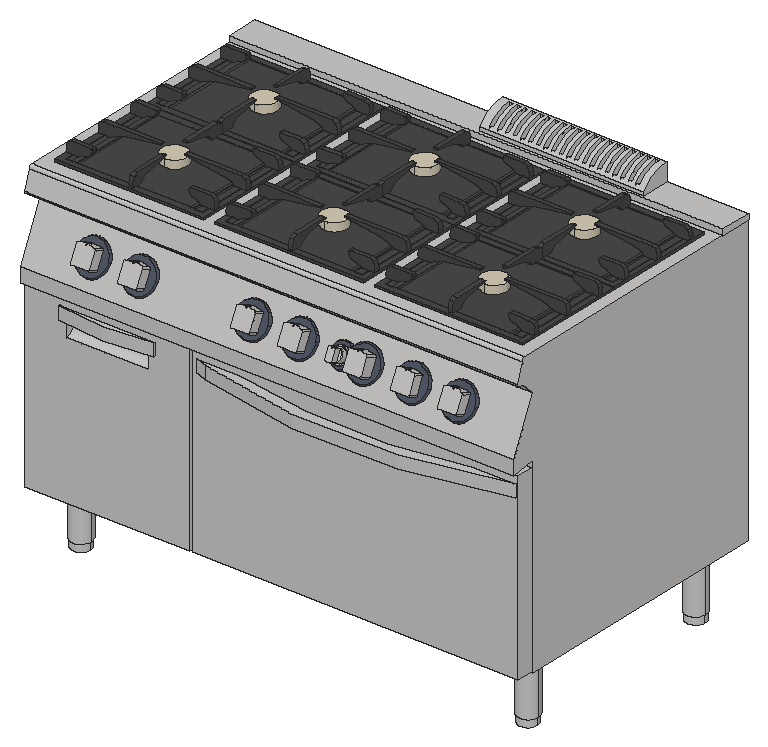
Revit family "QF_ZANUSSI_372152_Z7GCGL6C2A", category Specialty Equipment, Revit 2018 (continued)
Lines and regions (mm)
  symbolic lines
    curve 243: arc (634.5, -723.627, 0) -> (609.907, -720.053, 0) -> (585.574, -715, 0) r 411.457
  symbolic lines, style "QF-Clearances", visible <- "Show Clearance", detail levels coarse
    curve 9: line (-150, -715, 150) -> (-150, 150, 150)
    curve 10: line (-150, 150, 150) -> (1350, 150, 150)
    curve 11: line (1350, 150, 150) -> (1350, -715, 150)
  symbolic lines, not visible
    curve 110: line (225.433, -800.018, 0) -> (225.433, -824.365, 0)
    curve 111: arc (225.433, -824.365, 0) -> (225.579, -824.829, 0) -> (225.965, -825.125, 0) r 0.809
    curve 112: arc (225.965, -825.125, 0) -> (227.153, -825.605, 0) -> (228.43, -825.698, 0) r 4.127
    curve 113: arc (225.433, -804.311, 0) -> (220.392, -802.477, 0) -> (215.624, -800.018, 0) r 42.24
    curve 114: arc (225.433, -806.557, 0) -> (225.935, -805.836, 0) -> (226.732, -805.467, 0) r 1.682
    curve 115: arc (226.732, -805.467, 0) -> (237.035, -803.968, 0) -> (247.433, -803.459, 0) r 109.079
    curve 116: line (247.433, -800.018, 0) -> (247.433, -805.689, 0)
    curve 117: line (247.433, -805.689, 0) -> (249.433, -805.689, 0)
    curve 118: line (249.433, -805.689, 0) -> (249.433, -800.018, 0)
    curve 119: line (271.433, -800.018, 0) -> (271.433, -824.365, 0)
    curve 120: arc (271.433, -824.365, 0) -> (271.287, -824.829, 0) -> (270.901, -825.125, 0) r 0.809
    curve 121: arc (270.901, -825.125, 0) -> (269.713, -825.605, 0) -> (268.436, -825.698, 0) r 4.127
    curve 122: arc (271.433, -804.311, 0) -> (276.474, -802.477, 0) -> (281.242, -800.018, 0) r 42.24
    curve 123: arc (271.433, -806.557, 0) -> (270.931, -805.836, 0) -> (270.133, -805.467, 0) r 1.682
    curve 124: arc (270.133, -805.467, 0) -> (259.831, -803.968, 0) -> (249.433, -803.459, 0) r 109.079
    curve 125: line (228.43, -825.698, 0) -> (268.436, -825.698, 0)
  symbolic lines, style "SpecialityEquipment"
    curve 234: line (0, -700, 0) -> (1200, -700, 0)
Dimensions and locks
  equal spacing: plane 3 "LEFT", plane 7 "Center Y", plane 4 "RIGHT"
  plane 3 "LEFT" to plane 4 "RIGHT" = 1200 mm
  equal spacing: plane 5 "FRONT", plane 8 "Center X", plane 1 "BACK"
  plane 11 to plane 1 "BACK" = 715 mm
  plane 6 "TOP" to level = 908 mm
  plane 9 "Base" to level = 150 mm
  plane 6 "TOP" to plane 10 = 58 mm  (x2)
  plane 1 "BACK" to plane 11 = 715 mm
  plane 1 "BACK" to plane 12 = 1109 mm
  aligned and locked: level to plane 2
Automatic sketch dimensions
  curve 232 to curve 233 = 0 mm  (x2)
  curve 234 to plane 3 "LEFT" = 0 mm
  curve 235 to plane 3 "LEFT" = 0 mm
  plane 11 to curve 235 = 0 mm
  plane 11 to curve 236 = 0 mm
  plane 11 to curve 237 = 0 mm
  plane 11 to curve 238 = 0 mm
  plane 11 to curve 239 = 0 mm
  plane 11 to curve 222 = 0 mm
  plane 5 "FRONT" to curve 218 = 0 mm
  plane 11 to curve 240 = 0 mm
  plane 11 to curve 241 = 0 mm
  plane 11 to curve 242 = 0 mm
  curve 242 to plane 4 "RIGHT" = 0 mm
  curve 234 to plane 4 "RIGHT" = 0 mm
  plane 8 "Center X" to curve 243 = 35.153 mm
  plane 7 "Center Y" to curve 243 = 81.355 mm
  plane 11 to curve 215 = 9.347 mm
  plane 7 "Center Y" to curve 215 = 191.75 mm
  curve 216 to curve 216 = 0.809 mm
  curve 219 to curve 219 = 1.583 mm
  curve 216 to curve 217 = 1.846 mm
  curve 216 to curve 221 = 2.189 mm
  curve 215 to curve 218 = 11.892 mm
  plane 7 "Center Y" to curve 232 = 204.25 mm
  plane 5 "FRONT" to curve 214 = 5.671 mm
  curve 219 to curve 214 = 20.417 mm
  curve 221 to curve 220 = 19.134 mm
  curve 220 to curve 211 = 1.738 mm
  curve 213 to curve 212 = 2 mm
  curve 218 to curve 209 = 22.215 mm
  curve 212 to curve 221 = 19.003 mm
  curve 221 to curve 208 = 0.343 mm
  curve 208 to curve 210 = 1.071 mm
  curve 221 to curve 207 = 2.189 mm
  curve 207 to curve 206 = 0.809 mm
  curve 207 to curve 240 = 9.347 mm
  curve 221 to curve 207 = 1.333 mm
  curve 220 to curve 221 = 86.839 mm
  curve 220 to curve 211 = 0 mm
  curve 216 to curve 217 = 2.779 mm
  curve 207 to curve 208 = 2.779 mm
  plane 5 "FRONT" to curve 210 = 7.106 mm
  plane 5 "FRONT" to curve 219 = 7.106 mm
  curve 209 to plane 5 "FRONT" = 36.239 mm
  curve 218 to curve 209 = 0 mm
  curve 232 to plane 1 "BACK" = 537.5 mm
  plane 14 to curve 235 = 46.999 mm
  plane 14 to curve 236 = 0.999 mm
  curve 236 to plane 14 = 68.001 mm
  curve 236 to curve 237 = 45.871 mm
  curve 232 to plane 7 "Center Y" = 134.498 mm
  curve 232 to curve 237 = 53.998 mm
  curve 238 to plane 7 "Center Y" = 34.5 mm
  curve 243 to plane 7 "Center Y" = 14.426 mm
  plane 7 "Center Y" to curve 238 = 34.5 mm
  curve 243 to curve 238 = 0 mm
  curve 243 to curve 233 = 16.02 mm
  curve 233 to curve 239 = 29.98 mm
  curve 239 to curve 222 = 39.999 mm
  curve 239 to curve 222 = 15.995 mm
  curve 218 to curve 215 = 9.809 mm
  curve 219 to curve 219 = 0.284 mm
  curve 210 to curve 211 = 0.284 mm
  curve 206 to curve 209 = 9.809 mm
  curve 209 to curve 240 = 60.941 mm
  curve 240 to curve 241 = 46 mm
  plane 11 to curve 233 = 0.969 mm
  curve 241 to curve 233 = 69 mm
  curve 241 to curve 233 = 0 mm
  curve 241 to curve 242 = 46 mm
  curve 210 to curve 210 = 0.567 mm
  curve 219 to curve 219 = 0.567 mm
  Revolve 1 sketch curve to plane 9 "Base" = 0 mm  (x2)
  Revolve 1 sketch curve to level = 0 mm
  plane 3 "LEFT" to Revolve 1 sketch curve = 30.6 mm
  Revolve 1 sketch curve to Revolve 1 sketch curve = 2.5 mm
  Revolve 1 sketch curve to Revolve 1 sketch curve = 25.4 mm
  level to Revolve 1 sketch curve = 19.05 mm
  Revolve 1 sketch curve to Revolve 1 sketch curve = 0 mm
  plane 9 "Base" to Revolve 1 sketch curve = 20 mm
  Revolve 2 sketch curve to plane 9 "Base" = 0 mm  (x2)
  Revolve 2 sketch curve to level = 0 mm
  plane 3 "LEFT" to Revolve 2 sketch curve = 30.6 mm
  Revolve 2 sketch curve to Revolve 2 sketch curve = 2.5 mm
  Revolve 2 sketch curve to Revolve 2 sketch curve = 25.4 mm
  level to Revolve 2 sketch curve = 19.05 mm
  Revolve 2 sketch curve to Revolve 2 sketch curve = 0 mm
  plane 9 "Base" to Revolve 2 sketch curve = 20 mm
  Revolve 3 sketch curve to plane 9 "Base" = 0 mm  (x2)
  Revolve 3 sketch curve to level = 0 mm
  Revolve 3 sketch curve to plane 4 "RIGHT" = 30.6 mm
  Revolve 3 sketch curve to Revolve 3 sketch curve = 2.5 mm
  Revolve 3 sketch curve to Revolve 3 sketch curve = 25.4 mm
  level to Revolve 3 sketch curve = 19.05 mm
  Revolve 3 sketch curve to Revolve 3 sketch curve = 0 mm
  plane 9 "Base" to Revolve 3 sketch curve = 20 mm
  Revolve 4 sketch curve to plane 9 "Base" = 0 mm  (x2)
  Revolve 4 sketch curve to level = 0 mm
  Revolve 4 sketch curve to plane 4 "RIGHT" = 30.6 mm
  Revolve 4 sketch curve to Revolve 4 sketch curve = 2.5 mm
  Revolve 4 sketch curve to Revolve 4 sketch curve = 25.4 mm
  level to Revolve 4 sketch curve = 19.05 mm
  Revolve 4 sketch curve to Revolve 4 sketch curve = 0 mm
  plane 9 "Base" to Revolve 4 sketch curve = 20 mm
  Extrusion 5 sketch curve to plane 11 = 0 mm
  Extrusion 5 sketch curve to plane 5 "FRONT" = 0 mm
  Extrusion 5 sketch curve to plane 10 = 0 mm
  Extrusion 5 sketch curve to plane 9 "Base" = 0 mm
  Extrusion 5 sketch curve to plane 1 "BACK" = 0 mm
  Extrusion 5 sketch curve to plane 5 "FRONT" = 0.116 mm
  Extrusion 5 sketch curve to Extrusion 5 sketch curve = 2.884 mm
  Extrusion 5 sketch curve to plane 5 "FRONT" = 13.167 mm
  Extrusion 5 sketch curve to Extrusion 5 sketch curve = 10.198 mm
  Extrusion 5 sketch curve to Extrusion 5 sketch curve = 7.474 mm
  plane 9 "Base" to Extrusion 5 sketch curve = 5 mm
  Extrusion 5 sketch curve to plane 5 "FRONT" = 40 mm
  Extrusion 5 sketch curve to Extrusion 5 sketch curve = 1.355 mm
  Extrusion 5 sketch curve to Extrusion 5 sketch curve = 0.445 mm
  Extrusion 5 sketch curve to Extrusion 5 sketch curve = 5 mm
  Extrusion 5 sketch curve to Extrusion 5 sketch curve = 31.82 mm  (x2)
  Extrusion 5 sketch curve to Extrusion 5 sketch curve = 242.526 mm
  Extrusion 5 sketch curve to Extrusion 5 sketch curve = 5.508 mm
  Extrusion 5 sketch curve to Extrusion 5 sketch curve = 10.259 mm
  Extrusion 5 sketch curve to Extrusion 5 sketch curve = 35 mm
  Extrusion 5 sketch curve to Extrusion 5 sketch curve = 81.162 mm
  Extrusion 5 sketch curve to Extrusion 5 sketch curve = 3 mm
  Extrusion 6 sketch curve to plane 10 = 0 mm
  Extrusion 6 sketch curve to plane 1 "BACK" = 0 mm
  plane 10 to Extrusion 6 sketch curve = 14.288 mm
  plane 1 "BACK" to Extrusion 6 sketch curve = 76.2 mm
  Extrusion 7 sketch curve to plane 4 "RIGHT" = 52.387 mm
  Extrusion 7 sketch curve to plane 8 "Center X" = 114 mm
  Extrusion 8 sketch curve to plane 12 = 0 mm
  Extrusion 8 sketch curve to plane 5 "FRONT" = 0 mm
  plane 9 "Base" to Extrusion 8 sketch curve = 6.458 mm
  Extrusion 8 sketch curve to plane 5 "FRONT" = 35.998 mm
  plane 9 "Base" to Extrusion 8 sketch curve = 5 mm
  plane 11 to curve 11 = 0 mm
  curve 3 to plane 4 "RIGHT" = 0 mm
  plane 1 "BACK" to curve 92 = 0 mm
  plane 11 to curve 245 = 0 mm
  plane 12 to curve 245 = 0 mm
  plane 11 to curve 244 = 0 mm
  curve 1 to plane 3 "LEFT" = 0 mm
  plane 11 to curve 9 = 0 mm
  plane 11 to curve 1 = 0 mm
  plane 11 to curve 3 = 0 mm
  plane 4 "RIGHT" to curve 10 = 150 mm
  plane 1 "BACK" to curve 60 = 63.911 mm
  curve 60 to plane 4 "RIGHT" = 212.447 mm
  curve 60 to curve 63 = 9.296 mm
  curve 62 to curve 64 = 9.397 mm
  curve 64 to curve 65 = 9.296 mm
  curve 65 to curve 68 = 9.397 mm
  curve 68 to curve 69 = 9.296 mm
  curve 70 to curve 72 = 9.397 mm
  curve 72 to curve 74 = 9.296 mm
  curve 73 to curve 77 = 9.397 mm
  curve 76 to curve 77 = 9.296 mm
  curve 77 to curve 81 = 9.397 mm
  curve 80 to curve 82 = 9.296 mm
  curve 82 to curve 87 = 9.397 mm
  curve 84 to curve 86 = 9.296 mm
  curve 86 to curve 91 = 9.397 mm
  curve 88 to curve 91 = 9.296 mm
  curve 89 to curve 16 = 9.397 mm
  curve 16 to curve 18 = 9.296 mm
  curve 18 to curve 23 = 9.397 mm
  curve 20 to curve 22 = 9.296 mm
  curve 22 to curve 24 = 9.397 mm
  curve 24 to curve 26 = 9.296 mm
  curve 26 to curve 31 = 9.397 mm
  curve 28 to curve 29 = 9.296 mm
  curve 29 to curve 32 = 9.397 mm
  curve 32 to curve 34 = 9.296 mm
  curve 34 to curve 36 = 9.397 mm
  curve 36 to curve 38 = 9.296 mm
  curve 38 to curve 40 = 9.397 mm
  curve 40 to curve 41 = 9.296 mm
  curve 41 to curve 44 = 9.397 mm
  curve 44 to curve 45 = 9.296 mm
  curve 45 to curve 48 = 9.397 mm
  curve 48 to curve 50 = 9.296 mm
  curve 49 to curve 53 = 9.397 mm
  curve 52 to curve 54 = 9.296 mm
  curve 54 to curve 56 = 9.397 mm
  curve 56 to curve 57 = 9.296 mm
  curve 58 to curve 15 = 9.397 mm
  curve 12 to curve 14 = 9.296 mm
  curve 9 to plane 3 "LEFT" = 150 mm
  curve 11 to plane 1 "BACK" = 150 mm
  plane 1 "BACK" to curve 86 = 6.761 mm
  plane 1 "BACK" to curve 83 = 6.761 mm
  plane 1 "BACK" to curve 88 = 6.761 mm
  plane 1 "BACK" to curve 12 = 6.761 mm
  plane 1 "BACK" to curve 79 = 6.761 mm
  plane 1 "BACK" to curve 16 = 6.761 mm
  plane 1 "BACK" to curve 75 = 6.761 mm
  plane 1 "BACK" to curve 20 = 6.761 mm
  plane 1 "BACK" to curve 71 = 6.761 mm
  plane 1 "BACK" to curve 24 = 6.761 mm
  plane 1 "BACK" to curve 67 = 6.761 mm
  plane 1 "BACK" to curve 28 = 6.761 mm
  plane 1 "BACK" to curve 63 = 6.761 mm
  plane 1 "BACK" to curve 32 = 6.761 mm
  plane 1 "BACK" to curve 59 = 6.761 mm
  plane 1 "BACK" to curve 36 = 6.761 mm
  plane 1 "BACK" to curve 55 = 6.761 mm
  plane 1 "BACK" to curve 40 = 6.761 mm
  plane 1 "BACK" to curve 51 = 6.761 mm
  plane 1 "BACK" to curve 44 = 6.761 mm
  curve 46 to curve 46 = 57.15 mm
  curve 44 to curve 42 = 0 mm
  curve 90 to curve 90 = 57.15 mm
  curve 49 to curve 45 = 0 mm
  curve 40 to curve 38 = 0 mm
  curve 52 to curve 49 = 0 mm
  curve 36 to curve 34 = 0 mm
  curve 56 to curve 53 = 0 mm
  curve 32 to curve 30 = 0 mm
  curve 28 to curve 26 = 0 mm
  curve 64 to curve 61 = 0 mm
  curve 24 to curve 22 = 0 mm
  curve 68 to curve 65 = 0 mm
  curve 20 to curve 18 = 0 mm
  curve 72 to curve 69 = 0 mm
  curve 14 to curve 57 = 0 mm
  curve 76 to curve 73 = 0 mm
  curve 80 to curve 77 = 0 mm
  curve 88 to curve 86 = 0 mm
  curve 92 to curve 60 = 14.847 mm
  plane 7 "Center Y" to curve 93 = 2.4 mm
  curve 245 to plane 7 "Center Y" = 191.5 mm
  curve 245 to curve 244 = 8 mm
  curve 7 to curve 5 = 69.85 mm
  curve 5 to curve 6 = 6.35 mm
  plane 11 to Extrusion 9 sketch curve = 0 mm  (x2)
  Extrusion 9 sketch curve to plane 3 "LEFT" = 0 mm
  plane 1 "BACK" to Extrusion 9 sketch curve = 0 mm
  Extrusion 9 sketch curve to plane 4 "RIGHT" = 0 mm
  Extrusion 9 sketch curve to plane 3 "LEFT" = 150 mm
  plane 4 "RIGHT" to Extrusion 9 sketch curve = 150 mm
  Extrusion 9 sketch curve to plane 1 "BACK" = 150 mm
  plane 1 "BACK" to Extrusion 10 sketch curve = 63.911 mm  (x2)
  Extrusion 10 sketch curve to plane 4 "RIGHT" = 212.447 mm
  Extrusion 10 sketch curve to Extrusion 10 sketch curve = 9.296 mm  (x20)
  Extrusion 10 sketch curve to Extrusion 10 sketch curve = 9.397 mm  (x19)
  Extrusion 10 sketch curve to Extrusion 10 sketch curve = 0 mm  (x18)
  plane 1 "BACK" to Extrusion 10 sketch curve = 6.761 mm  (x20)
  Extrusion 11 sketch curve to plane 1 "BACK" = 0 mm
  Extrusion 11 sketch curve to plane 6 "TOP" = 0 mm
  plane 1 "BACK" to Extrusion 11 sketch curve = 1.769 mm
  plane 10 to Extrusion 11 sketch curve = 23.813 mm
  plane 1 "BACK" to Extrusion 11 sketch curve = 69.85 mm
  plane 10 to Extrusion 11 sketch curve = 14.288 mm
  Blend 12 sketch curve to plane 7 "Center Y" = 57.5 mm  (x2)
  Extrusion 13 sketch curve to plane 7 "Center Y" = 80.5 mm
  Extrusion 13 sketch curve to Extrusion 13 sketch curve = 2.997 mm  (x3)
  Extrusion 13 sketch curve to Extrusion 13 sketch curve = 20.003 mm  (x2)
  Extrusion 13 sketch curve to plane 7 "Center Y" = 37.497 mm
  Extrusion 13 sketch curve to Extrusion 13 sketch curve = 5.399 mm
  Extrusion 13 sketch curve to Extrusion 13 sketch curve = 40.037 mm
  Extrusion 13 sketch curve to Extrusion 13 sketch curve = 0 mm  (x2)
  plane 13 "panel" to Extrusion 14 sketch curve = 35 mm
  plane 5 "FRONT" to Extrusion 14 sketch curve = 5.671 mm
  Extrusion 14 sketch curve to Extrusion 14 sketch curve = 3 mm
  Extrusion 14 sketch curve to Extrusion 14 sketch curve = 0 mm  (x2)
  Extrusion 14 sketch curve to Extrusion 14 sketch curve = 1 mm
  Extrusion 14 sketch curve to Extrusion 14 sketch curve = 15 mm
  Extrusion 15 sketch curve to plane 7 "Center Y" = 75 mm
  Extrusion 15 sketch curve to Extrusion 15 sketch curve = 35 mm  (x2)
  plane 13 "panel" to Extrusion 16 sketch curve = 35 mm
  plane 5 "FRONT" to Extrusion 16 sketch curve = 5.671 mm
  Extrusion 16 sketch curve to Extrusion 16 sketch curve = 3 mm
  Extrusion 16 sketch curve to Extrusion 16 sketch curve = 0 mm
  Extrusion 16 sketch curve to Extrusion 16 sketch curve = 1 mm  (x2)
  Extrusion 16 sketch curve to Extrusion 16 sketch curve = 15 mm
  plane 7 "Center Y" to Extrusion 17 sketch curve = 75 mm
  Extrusion 17 sketch curve to Extrusion 17 sketch curve = 35 mm  (x2)
  plane 7 "Center Y" to Blend 18 sketch curve = 57.5 mm  (x2)
  plane 7 "Center Y" to Extrusion 19 sketch curve = 80.5 mm
  Extrusion 19 sketch curve to Extrusion 19 sketch curve = 2.997 mm  (x3)
  Extrusion 19 sketch curve to Extrusion 19 sketch curve = 20.003 mm  (x2)
  plane 7 "Center Y" to Extrusion 19 sketch curve = 37.497 mm
  Extrusion 19 sketch curve to Extrusion 19 sketch curve = 0 mm  (x2)
  Extrusion 19 sketch curve to Extrusion 19 sketch curve = 40.037 mm
  Extrusion 19 sketch curve to Extrusion 19 sketch curve = 5.399 mm
  Split face 2 sketch curve to Split face 2 sketch curve = 6 mm
  Split face 2 sketch curve to Split face 2 sketch curve = 10 mm
  Split face 3 sketch curve to Split face 3 sketch curve = 5 mm
  Split face 3 sketch curve to Split face 3 sketch curve = 9 mm
  Split face 4 sketch curve to Split face 4 sketch curve = 5 mm
  Split face 5 sketch curve to Split face 5 sketch curve = 5 mm
  Split face 6 sketch curve to Split face 6 sketch curve = 6 mm
  Split face 6 sketch curve to Split face 6 sketch curve = 10 mm
  Split face 7 sketch curve to Split face 7 sketch curve = 5 mm
  Split face 7 sketch curve to Split face 7 sketch curve = 9 mm
  Split face 8 sketch curve to Split face 8 sketch curve = 5 mm
  Split face 9 sketch curve to Split face 9 sketch curve = 5 mm
  plane 7 "Center Y" to Blend 20 sketch curve = 161.75 mm  (x2)
  Blend 20 sketch curve to Blend 20 sketch curve = 53 mm  (x2)
  Blend 20 sketch curve to Blend 20 sketch curve = 0 mm  (x2)
  Blend 20 sketch curve to Blend 20 sketch curve = 17.95 mm
  Blend 20 sketch curve to Blend 20 sketch curve = 24.037 mm
  Blend 20 sketch curve to Blend 20 sketch curve = 18.422 mm
  Blend 20 sketch curve to Blend 20 sketch curve = 21.086 mm
  plane 7 "Center Y" to Extrusion 21 sketch curve = 159.749 mm
  plane 13 "panel" to Extrusion 22 sketch curve = 40 mm
  plane 7 "Center Y" to Extrusion 22 sketch curve = 142.857 mm
  Extrusion 22 sketch curve to Extrusion 22 sketch curve = 6.058 mm
  Extrusion 22 sketch curve to Extrusion 22 sketch curve = 0.01 mm  (x4)
  Extrusion 22 sketch curve to Extrusion 22 sketch curve = 8.895 mm  (x2)
  Extrusion 22 sketch curve to Extrusion 22 sketch curve = 15.995 mm
  Extrusion 22 sketch curve to Extrusion 22 sketch curve = 2.827 mm
  Extrusion 22 sketch curve to Extrusion 22 sketch curve = 15.163 mm
  Extrusion 22 sketch curve to Extrusion 22 sketch curve = 0 mm
  Extrusion 22 sketch curve to Extrusion 22 sketch curve = 15.173 mm
  plane 7 "Center Y" to Extrusion 23 sketch curve = 191.75 mm
  Extrusion 23 sketch curve to Extrusion 23 sketch curve = 2.997 mm  (x3)
  Extrusion 23 sketch curve to Extrusion 23 sketch curve = 20.003 mm  (x2)
  Extrusion 23 sketch curve to Extrusion 23 sketch curve = 40.005 mm
  Extrusion 23 sketch curve to Extrusion 23 sketch curve = 5.399 mm
  Extrusion 23 sketch curve to Extrusion 23 sketch curve = 40.037 mm
  Extrusion 23 sketch curve to Extrusion 23 sketch curve = 0 mm  (x2)
  Split face 43 sketch curve to Split face 43 sketch curve = 2.545 mm
  Split face 43 sketch curve to Split face 43 sketch curve = 4.379 mm
  Blend 24 sketch curve to plane 4 "RIGHT" = 268.5 mm  (x2)
  Extrusion 25 sketch curve to plane 4 "RIGHT" = 291.5 mm
  Extrusion 25 sketch curve to Extrusion 25 sketch curve = 2.997 mm  (x3)
  Extrusion 25 sketch curve to Extrusion 25 sketch curve = 20.003 mm  (x2)
  Extrusion 25 sketch curve to Extrusion 25 sketch curve = 40.005 mm
  Extrusion 25 sketch curve to Extrusion 25 sketch curve = 5.399 mm
  Extrusion 25 sketch curve to Extrusion 25 sketch curve = 40.037 mm
  Extrusion 25 sketch curve to Extrusion 25 sketch curve = 0 mm  (x2)
  plane 13 "panel" to Extrusion 26 sketch curve = 35 mm
  plane 5 "FRONT" to Extrusion 26 sketch curve = 5.671 mm
  Extrusion 26 sketch curve to Extrusion 26 sketch curve = 3 mm
  Extrusion 26 sketch curve to Extrusion 26 sketch curve = 0 mm  (x2)
  Extrusion 26 sketch curve to Extrusion 26 sketch curve = 1 mm
  Extrusion 26 sketch curve to Extrusion 26 sketch curve = 15 mm
  Extrusion 27 sketch curve to plane 4 "RIGHT" = 286 mm
  Extrusion 27 sketch curve to Extrusion 27 sketch curve = 35 mm  (x2)
  plane 13 "panel" to Extrusion 28 sketch curve = 35 mm
  plane 5 "FRONT" to Extrusion 28 sketch curve = 5.671 mm
  Extrusion 28 sketch curve to Extrusion 28 sketch curve = 3 mm
  Extrusion 28 sketch curve to Extrusion 28 sketch curve = 0 mm
  Extrusion 28 sketch curve to Extrusion 28 sketch curve = 1 mm  (x2)
  Extrusion 28 sketch curve to Extrusion 28 sketch curve = 15 mm
  Extrusion 29 sketch curve to plane 4 "RIGHT" = 136 mm
  Extrusion 29 sketch curve to Extrusion 29 sketch curve = 35 mm  (x2)
  Blend 30 sketch curve to plane 4 "RIGHT" = 153.5 mm  (x2)
  Extrusion 31 sketch curve to plane 4 "RIGHT" = 130.5 mm
  Extrusion 31 sketch curve to Extrusion 31 sketch curve = 2.997 mm  (x3)
  Extrusion 31 sketch curve to Extrusion 31 sketch curve = 20.003 mm  (x2)
  Extrusion 31 sketch curve to Extrusion 31 sketch curve = 40.005 mm
  Extrusion 31 sketch curve to Extrusion 31 sketch curve = 0 mm  (x2)
  Extrusion 31 sketch curve to Extrusion 31 sketch curve = 40.037 mm
  Extrusion 31 sketch curve to Extrusion 31 sketch curve = 5.399 mm
  Split face 45 sketch curve to Split face 45 sketch curve = 6 mm
  Split face 45 sketch curve to Split face 45 sketch curve = 10 mm
  Split face 46 sketch curve to Split face 46 sketch curve = 5 mm
  Split face 46 sketch curve to Split face 46 sketch curve = 9 mm
  Split face 47 sketch curve to Split face 47 sketch curve = 5 mm
  Split face 48 sketch curve to Split face 48 sketch curve = 5 mm
  Split face 49 sketch curve to Split face 49 sketch curve = 6 mm
  Split face 49 sketch curve to Split face 49 sketch curve = 10 mm
  Split face 50 sketch curve to Split face 50 sketch curve = 5 mm
  Split face 50 sketch curve to Split face 50 sketch curve = 9 mm
  Split face 51 sketch curve to Split face 51 sketch curve = 5 mm
  Split face 52 sketch curve to Split face 52 sketch curve = 5 mm
  plane 14 to Blend 32 sketch curve = 23.999 mm  (x2)
  plane 14 to Extrusion 33 sketch curve = 46.999 mm
  Extrusion 33 sketch curve to Extrusion 33 sketch curve = 2.997 mm  (x2)
  Extrusion 33 sketch curve to Extrusion 33 sketch curve = 20.003 mm
  plane 14 to Extrusion 33 sketch curve = 3.996 mm  (x2)
  plane 14 to Extrusion 33 sketch curve = 0.999 mm
  Extrusion 33 sketch curve to Extrusion 33 sketch curve = 5.399 mm
  Extrusion 33 sketch curve to Extrusion 33 sketch curve = 40.037 mm
  Extrusion 33 sketch curve to Extrusion 33 sketch curve = 0 mm  (x2)
  plane 13 "panel" to Extrusion 34 sketch curve = 35 mm
  plane 5 "FRONT" to Extrusion 34 sketch curve = 5.671 mm
  Extrusion 34 sketch curve to Extrusion 34 sketch curve = 3 mm
  Extrusion 34 sketch curve to Extrusion 34 sketch curve = 0 mm  (x2)
  Extrusion 34 sketch curve to Extrusion 34 sketch curve = 1 mm
  Extrusion 34 sketch curve to Extrusion 34 sketch curve = 15 mm
  plane 14 to Extrusion 35 sketch curve = 41.499 mm
  plane 14 to Extrusion 35 sketch curve = 6.499 mm
  Extrusion 35 sketch curve to Extrusion 35 sketch curve = 35 mm
  plane 13 "panel" to Extrusion 36 sketch curve = 35 mm
  plane 5 "FRONT" to Extrusion 36 sketch curve = 5.671 mm
  Extrusion 36 sketch curve to Extrusion 36 sketch curve = 3 mm
  Extrusion 36 sketch curve to Extrusion 36 sketch curve = 0 mm
  Extrusion 36 sketch curve to Extrusion 36 sketch curve = 1 mm  (x2)
  Extrusion 36 sketch curve to Extrusion 36 sketch curve = 15 mm
  Extrusion 37 sketch curve to plane 14 = 108.501 mm
  Extrusion 37 sketch curve to Extrusion 37 sketch curve = 35 mm  (x2)
  Blend 38 sketch curve to plane 14 = 91.001 mm  (x2)
  Extrusion 39 sketch curve to plane 14 = 114.001 mm
  Extrusion 39 sketch curve to Extrusion 39 sketch curve = 2.997 mm  (x3)
  Extrusion 39 sketch curve to Extrusion 39 sketch curve = 20.003 mm  (x2)
  Extrusion 39 sketch curve to Extrusion 39 sketch curve = 40.005 mm
  Extrusion 39 sketch curve to Extrusion 39 sketch curve = 0 mm  (x2)
  Extrusion 39 sketch curve to Extrusion 39 sketch curve = 40.037 mm
  Extrusion 39 sketch curve to Extrusion 39 sketch curve = 5.399 mm
  Split face 61 sketch curve to Split face 61 sketch curve = 6 mm
  Split face 61 sketch curve to Split face 61 sketch curve = 10 mm
  Split face 62 sketch curve to Split face 62 sketch curve = 5 mm
  Split face 62 sketch curve to Split face 62 sketch curve = 9 mm
  Split face 63 sketch curve to Split face 63 sketch curve = 5 mm
  Split face 64 sketch curve to Split face 64 sketch curve = 5 mm
  Split face 65 sketch curve to Split face 65 sketch curve = 6 mm
  Split face 65 sketch curve to Split face 65 sketch curve = 10 mm
  Split face 66 sketch curve to Split face 66 sketch curve = 5 mm
  Split face 66 sketch curve to Split face 66 sketch curve = 9 mm
  Split face 67 sketch curve to Split face 67 sketch curve = 5 mm
  Split face 68 sketch curve to Split face 68 sketch curve = 5 mm
  plane 7 "Center Y" to Extrusion 40 sketch curve = 159.749 mm
  Extrusion 41 sketch curve to Extrusion 41 sketch curve = 0 mm  (x6)
  plane 5 "FRONT" to Extrusion 41 sketch curve = 0 mm  (x2)
  Extrusion 41 sketch curve to plane 4 "RIGHT" = 5.75 mm
  Extrusion 41 sketch curve to Extrusion 41 sketch curve = 93.605 mm
  plane 7 "Center Y" to Extrusion 41 sketch curve = 204.25 mm
  Extrusion 41 sketch curve to plane 1 "BACK" = 537.5 mm
  Extrusion 41 sketch curve to plane 11 = 4.65 mm
  plane 5 "FRONT" to Extrusion 42 sketch curve = 0 mm
  Extrusion 42 sketch curve to plane 14 = 138.301 mm
  Extrusion 42 sketch curve to plane 14 = 23.028 mm
  plane 3 "LEFT" to Extrusion 42 sketch curve = 85.253 mm
  plane 1 "BACK" to Extrusion 42 sketch curve = 105.503 mm
  plane 5 "FRONT" to Extrusion 42 sketch curve = 4 mm
  plane 5 "FRONT" to curve 230 = 0 mm
  plane 5 "FRONT" to curve 226 = 0 mm
  plane 5 "FRONT" to curve 225 = 0 mm
  plane 5 "FRONT" to curve 229 = 0 mm
  plane 11 to curve 224 = 11.999 mm
  plane 7 "Center Y" to curve 224 = 167.747 mm
  curve 231 to plane 5 "FRONT" = 1.915 mm
  curve 224 to curve 231 = 7.998 mm
  plane 11 to curve 223 = 11.999 mm
  curve 227 to curve 227 = 2.259 mm
  curve 226 to curve 227 = 0.319 mm
  curve 226 to curve 224 = 3.717 mm
  curve 227 to curve 226 = 1.423 mm
  curve 230 to curve 226 = 4.288 mm
  curve 226 to curve 231 = 0.001 mm
  curve 226 to curve 225 = 0.001 mm
  plane 11 to curve 228 = 0.716 mm
  curve 228 to curve 228 = 0.865 mm
  curve 228 to plane 11 = 1.976 mm
  curve 228 to curve 225 = 0.141 mm
  curve 223 to curve 225 = 3.718 mm
  curve 226 to curve 225 = 0 mm
  plane 5 "FRONT" to curve 224 = 1.224 mm
  plane 5 "FRONT" to curve 223 = 1.224 mm
  plane 5 "FRONT" to curve 229 = 4.847 mm
  curve 231 to curve 225 = 6.762 mm
  curve 229 to curve 226 = 0.003 mm
  plane 5 "FRONT" to curve 230 = 4.85 mm
  curve 226 to curve 227 = 0.047 mm
  Extrusion 43 sketch curve to plane 9 "Base" = 0 mm
  Extrusion 43 sketch curve to plane 12 = 0 mm
  Extrusion 43 sketch curve to plane 5 "FRONT" = 0 mm
  Extrusion 43 sketch curve to Extrusion 43 sketch curve = 44.603 mm
  Extrusion 44 sketch curve to plane 4 "RIGHT" = 48 mm
  Extrusion 44 sketch curve to plane 8 "Center X" = 163 mm
  Extrusion 45 sketch curve to plane 5 "FRONT" = 0 mm
  plane 5 "FRONT" to Extrusion 45 sketch curve = 2.777 mm
  Extrusion 45 sketch curve to plane 5 "FRONT" = 21.853 mm
  Extrusion 45 sketch curve to plane 10 = 334.95 mm
  Extrusion 45 sketch curve to Extrusion 45 sketch curve = 26.327 mm
  plane 9 "Base" to Extrusion 46 sketch curve = 5 mm
  Extrusion 46 sketch curve to plane 7 "Center Y" = 199.5 mm
  Extrusion 46 sketch curve to Extrusion 46 sketch curve = 8 mm
  Extrusion 46 sketch curve to plane 10 = 250 mm
  plane 13 "panel" to Extrusion 47 sketch curve = 35 mm
  plane 5 "FRONT" to Extrusion 47 sketch curve = 5.671 mm
  Extrusion 47 sketch curve to Extrusion 47 sketch curve = 3 mm
  Extrusion 47 sketch curve to Extrusion 47 sketch curve = 0 mm  (x2)
  Extrusion 47 sketch curve to Extrusion 47 sketch curve = 1 mm
  Extrusion 47 sketch curve to Extrusion 47 sketch curve = 15 mm
  plane 13 "panel" to Extrusion 48 sketch curve = 41 mm
  plane 11 to Extrusion 48 sketch curve = 1.082 mm
  Extrusion 48 sketch curve to Extrusion 48 sketch curve = 3 mm
  Extrusion 48 sketch curve to Extrusion 48 sketch curve = 0 mm  (x2)
  Extrusion 48 sketch curve to Extrusion 48 sketch curve = 1 mm
  Extrusion 48 sketch curve to Extrusion 48 sketch curve = 15 mm
  radius of Extrusion 7 sketch curve = 6.35 mm
  radius of Blend 12 sketch curve = 42.5 mm
  radius of Blend 12 sketch curve = 40.5 mm
  radius of Split face 1 sketch curve = 3 mm
  radius of Blend 18 sketch curve = 42.5 mm
  radius of Blend 18 sketch curve = 40.5 mm
  radius of Split face 10 sketch curve = 1.5 mm
  radius of Split face 11 sketch curve = 2.029 mm
  radius of Split face 12 sketch curve = 2.031 mm
  radius of Split face 13 sketch curve = 3.497 mm
  radius of Split face 14 sketch curve = 3.497 mm
  radius of Split face 15 sketch curve = 3 mm
  radius of Split face 16 sketch curve = 1.5 mm
  radius of Extrusion 21 sketch curve = 20 mm
  radius of Split face 17 sketch curve = 1 mm
  radius of Split face 18 sketch curve = 1 mm
  radius of Split face 19 sketch curve = 1 mm
  radius of Split face 20 sketch curve = 1 mm
  radius of Split face 21 sketch curve = 1 mm
  radius of Split face 22 sketch curve = 1 mm
  radius of Split face 23 sketch curve = 1 mm
  radius of Split face 24 sketch curve = 1 mm
  radius of Split face 25 sketch curve = 1 mm
  radius of Split face 26 sketch curve = 1 mm
  radius of Split face 27 sketch curve = 1 mm
  radius of Split face 28 sketch curve = 1 mm
  radius of Split face 29 sketch curve = 1 mm
  radius of Split face 30 sketch curve = 1 mm
  radius of Split face 31 sketch curve = 1 mm
  radius of Split face 32 sketch curve = 1 mm
  radius of Split face 33 sketch curve = 1 mm
  radius of Split face 34 sketch curve = 1 mm
  radius of Split face 35 sketch curve = 1 mm
  radius of Split face 36 sketch curve = 1 mm
  radius of Split face 37 sketch curve = 1 mm
  radius of Split face 38 sketch curve = 1 mm
  radius of Split face 39 sketch curve = 1 mm
  radius of Split face 40 sketch curve = 1 mm
  radius of Split face 41 sketch curve = 1.508 mm
  radius of Split face 42 sketch curve = 1.343 mm
  radius of Blend 24 sketch curve = 42.5 mm
  radius of Blend 24 sketch curve = 40.5 mm
  radius of Split face 44 sketch curve = 3 mm
  radius of Blend 30 sketch curve = 42.5 mm
  radius of Blend 30 sketch curve = 40.5 mm
  radius of Split face 53 sketch curve = 1.5 mm
  radius of Split face 54 sketch curve = 2.029 mm
  radius of Split face 55 sketch curve = 2.031 mm
  radius of Split face 56 sketch curve = 3.497 mm
  radius of Split face 57 sketch curve = 3.497 mm
  radius of Split face 58 sketch curve = 3 mm
  radius of Split face 59 sketch curve = 1.5 mm
  radius of Blend 32 sketch curve = 42.5 mm
  radius of Blend 32 sketch curve = 40.5 mm
  radius of Split face 60 sketch curve = 3 mm
  radius of Blend 38 sketch curve = 42.5 mm
  radius of Blend 38 sketch curve = 40.5 mm
  radius of Split face 69 sketch curve = 1.5 mm
  radius of Split face 70 sketch curve = 2.029 mm
  radius of Split face 71 sketch curve = 2.031 mm
  radius of Split face 72 sketch curve = 3.497 mm
  radius of Split face 73 sketch curve = 3.497 mm
  radius of Split face 74 sketch curve = 3 mm
  radius of Split face 75 sketch curve = 1.5 mm
  radius of Extrusion 40 sketch curve = 16 mm
  radius of Extrusion 44 sketch curve = 10 mm
Nested families
  nested 1: "QF_372006_BURNER" at (23.5, -5, 0), type "QF_372006_BURNER"
    with Type Mark "", Status "", Specification by User "", Revision Code "", Item Number "", Installed By "", Identify Quantity as Lot yes, Furnished By "", Foodservice Equipment Identifier yes
  nested 2: "QF_372006_BURNER" at (23.5, -739.127, 0), type "QF_372006_BURNER"
    with Type Mark "", Status "", Specification by User "", Revision Code "", Item Number "", Installed By "", Identify Quantity as Lot yes, Furnished By "", Foodservice Equipment Identifier yes
  nested 3: "QF_372006_BURNER" at (412.5, -5, 0), type "QF_372006_BURNER"
    with Type Mark "", Status "", Specification by User "", Revision Code "", Item Number "", Installed By "", Identify Quantity as Lot yes, Furnished By "", Foodservice Equipment Identifier yes
  nested 4: "QF_372006_BURNER" at (412.5, -739.127, 0), type "QF_372006_BURNER"
    with Type Mark "", Status "", Specification by User "", Revision Code "", Item Number "", Installed By "", Identify Quantity as Lot yes, Furnished By "", Foodservice Equipment Identifier yes
  nested 5: "QF_372006_BURNER" at (1176.5, -5, 0) x (-1, 0, 0) z (0, 0, 1), type "QF_372006_BURNER"
    with Type Mark "", Status "", Specification by User "", Revision Code "", Item Number "", Installed By "", Identify Quantity as Lot yes, Furnished By "", Foodservice Equipment Identifier yes
  nested 6: "QF_372006_BURNER" at (1176.5, -739.127, 0) x (-1, 0, 0) z (0, 0, 1), type "QF_372006_BURNER"
    with Type Mark "", Status "", Specification by User "", Revision Code "", Item Number "", Installed By "", Identify Quantity as Lot yes, Furnished By "", Foodservice Equipment Identifier yes
Connectors
  piping at (1147.613, -464, 141.185), diameter 12.8
    settings: on Extrusion 7, index 1, connector inside diameter 0.50394", connector length 0 mm, flow factor 0, pipe flow 0 GPM, pressure drop 0.00 psi, fitting loss kfactor 0, connector angle 0.00°, fixture units 0, engagement length 0 mm, angle of deflection 0.00°, flow configuration 1, flow direction 1, fitting loss method 0, system type 7, joint type 0, gender type 0, connector reference index -1, connector utility 0, adjustable connector no, is connector primary yes, connector description "Gas Inlet"
  electrical at (1152, -513, 147), driven by "Volts"
    settings: on Extrusion 44, index 2, voltage 380 V, apparent load 0 VA, apparent load phase1 0 VA, apparent load phase2 0 VA, apparent load phase3 0 VA, power factor 1, load classification "Other", number of poles 1, system type 30, power factor state 1, is connector primary yes, connector utility no, sub classification motor no, connector description "Electrical Connection"
Definition of nested family "QF_372006_BURNER"
  Parameters
    Weight in Pounds = 0
    URL Cutsheet = ""
    URL = "www.electrolux.com"
    Type Mark [instance] = ""
    Status [instance] = ""
    Specification by User [instance] = ""
    Specification by Manufacturer = ""
    Serial Number = ""
    Seismic Rating = ""
    SMACNA No = ""
    Revision Code [instance] = ""
    Omniclass Number and Title = ""
    NAFEM Spec ID Number = ""
    Model = "371009"
    Masterspec = ""
    Manufacturer = "ELECTROLUX"
    Item Number [instance] = ""
    Installed By [instance] = ""
    Identify Quantity as Lot [instance] = yes
    Furnished By [instance] = ""
    Foodservice Equipment Identifier [instance] = yes
    Description = ""
    CSI MasterFormat = ""
    CSI Master Format = ""
  Reference planes
    plane 1 "BACK": y = 0
    plane 2: z = 0
    plane 3 "LEFT": x = 0
    plane 4 "RIGHT": x = 800
    plane 5 "FRONT": y = -700
    plane 6 "TOP": z = 908.85
    plane 7 "Center Y": x = 400
    plane 8 "Center X": y = -350
    plane 9 "Base": z = 150
    plane 10: z = 850.85
  Forms (mm)
    Extrusion 1, solid
      sketch origin (0, -734.127, 5) x (1, 0, 0) y (0, 0, -1)
        loop
          arc (7.142, -850.85) -> (6.739, -862.989) -> (9.761, -874.752) r 42.809
          line (9.761, -874.752) -> (19.961, -879.425) -> (157.339, -879.425)
          arc (157.339, -879.425) -> (158.533, -878.312) -> (157.506, -877.043) r 1.197
          line (157.506, -877.043) -> (64.848, -864.021)
          arc (64.848, -864.021) -> (50.111, -858.738) -> (36.589, -850.85) r 85.245
          line (36.589, -850.85) -> (7.142, -850.85)
        loop
          line (367.858, -850.85) -> (338.411, -850.85)
          arc (338.411, -850.85) -> (324.889, -858.738) -> (310.152, -864.021) r 85.245
          line (310.152, -864.021) -> (217.494, -877.043)
          arc (217.494, -877.043) -> (216.467, -878.312) -> (217.661, -879.425) r 1.197
          line (217.661, -879.425) -> (355.039, -879.425) -> (365.239, -874.752)
          arc (365.239, -874.752) -> (368.261, -862.989) -> (367.858, -850.85) r 42.809
      from 224.564 to 234.564
    Extrusion 2, solid
      sketch origin (0, -734.127, 5) x (1, 0, 0) y (0, 0, -1)
        loop
          arc (7.056, -850.85) -> (6.705, -862.948) -> (9.748, -874.663) r 42.876
          line (9.748, -874.663) -> (19.961, -879.425) -> (65.851, -879.425)
          arc (65.851, -879.425) -> (68.577, -878.352) -> (69.841, -875.709) r 4
          arc (69.841, -875.709) -> (68.75, -869.25) -> (64.816, -864.012) r 13.87
          arc (64.816, -864.012) -> (50.096, -858.731) -> (36.589, -850.85) r 85.245
          line (36.589, -850.85) -> (7.056, -850.85)
        loop
          line (367.944, -850.85) -> (338.411, -850.85)
          arc (338.411, -850.85) -> (324.904, -858.731) -> (310.184, -864.012) r 85.245
          arc (310.184, -864.012) -> (306.25, -869.25) -> (305.159, -875.709) r 13.87
          arc (305.159, -875.709) -> (306.423, -878.352) -> (309.149, -879.425) r 4
          line (309.149, -879.425) -> (355.039, -879.425) -> (365.252, -874.663)
          arc (365.252, -874.663) -> (368.295, -862.948) -> (367.944, -850.85) r 42.876
      from 127.064 to 137.064
    Extrusion 3, solid
      sketch origin (0, -275, 5) x (1, 0, 0) y (0, 0, 1)
        loop
          arc (64.816, 864.012) -> (68.75, 869.25) -> (69.841, 875.709) r 13.87
          arc (69.841, 875.709) -> (68.577, 878.352) -> (65.851, 879.425) r 4
          line (65.851, 879.425) -> (19.961, 879.425) -> (9.748, 874.663)
          arc (9.748, 874.663) -> (6.705, 862.948) -> (7.056, 850.85) r 42.876
          line (7.056, 850.85) -> (36.589, 850.85)
          arc (36.589, 850.85) -> (50.096, 858.731) -> (64.816, 864.012) r 85.245
        loop
          arc (310.184, 864.012) -> (324.904, 858.731) -> (338.411, 850.85) r 85.245
          line (338.411, 850.85) -> (367.944, 850.85)
          arc (367.944, 850.85) -> (368.295, 862.948) -> (365.252, 874.663) r 42.876
          line (365.252, 874.663) -> (355.039, 879.425) -> (309.149, 879.425)
          arc (309.149, 879.425) -> (306.423, 878.352) -> (305.159, 875.709) r 4
          arc (305.159, 875.709) -> (306.25, 869.25) -> (310.184, 864.012) r 13.87
      from 127.064 to 137.064
    Extrusion 4, solid
      sketch origin (454.964, -29.48, 5) x (0, -1, 0) y (0, 0, 1)
        loop
          arc (366.649, 850.85) -> (375.927, 861.743) -> (389.337, 866.736) r 28.426
          line (389.337, 866.736) -> (441.256, 877.043)
          arc (441.256, 877.043) -> (442.283, 878.312) -> (441.089, 879.425) r 1.197
          line (441.089, 879.425) -> (347.797, 879.425)
          arc (347.797, 879.425) -> (343.211, 875.934) -> (337.583, 874.694) r 13.39
          line (337.583, 874.694) -> (337.583, 850.85) -> (366.649, 850.85)
        loop
          arc (606.236, 850.85) -> (606.587, 862.948) -> (603.543, 874.663) r 42.876
          line (603.543, 874.663) -> (593.33, 879.425) -> (509.077, 879.425)
          arc (509.077, 879.425) -> (507.883, 878.312) -> (508.911, 877.043) r 1.197
          line (508.911, 877.043) -> (560.83, 866.736)
          arc (560.83, 866.736) -> (574.239, 861.743) -> (583.518, 850.85) r 28.426
          line (583.518, 850.85) -> (606.236, 850.85)
      from 262.464 to 272.464
    Extrusion 5, solid
      sketch origin (0, 0, 850.85) x (0, -1, 0) y (1, 0, 0)
        loop
          line (642.216, 6.433) -> (642.216, 368.567) -> (367.857, 368.567) -> (367.857, 6.433) -> (642.216, 6.433)
        loop
          line (382.857, 21.433) -> (627.216, 21.433) -> (627.216, 353.567) -> (382.857, 353.567) -> (382.857, 21.433)
      from 0 to 5
    Extrusion 6, solid
      sketch origin (-12.5, 0, 855.85) x (0, -1, 0) y (1, 0, 0)
        loop
          circle (504.356, 200) r 30
      from -1.321 to 17.134
    Extrusion 7, solid
      sketch origin (0, -734.127, 0) x (1, 0, 0) y (0, 0, -1)
        loop
          line (21.433, -855.85) -> (36.589, -855.85)
          arc (36.589, -855.85) -> (40.561, -855.243) -> (44.305, -853.783) r 18.259
          arc (44.305, -853.783) -> (45.997, -853.366) -> (47.69, -853.783) r 3.649
          arc (47.69, -853.783) -> (49.901, -854.522) -> (52.232, -854.529) r 7.328
          line (52.232, -854.529) -> (322.768, -854.529)
          arc (322.768, -854.529) -> (325.099, -854.522) -> (327.31, -853.783) r 7.328
          arc (327.31, -853.783) -> (329.003, -853.366) -> (330.695, -853.783) r 3.649
          arc (330.695, -853.783) -> (334.439, -855.243) -> (338.411, -855.85) r 18.259
          line (338.411, -855.85) -> (353.567, -855.85) -> (353.567, -850.85) -> (21.433, -850.85) -> (21.433, -855.85)
      from 106.911 to 351.27
  Lines and regions (mm)
    symbolic lines
      curve 1: line (6.433, -642.216, 150) -> (368.567, -642.216, 150)
      curve 2: line (6.433, -367.857, 150) -> (6.433, -642.216, 150)
      curve 3: line (368.567, -367.857, 150) -> (192.5, -367.857, 150)
      curve 4: line (368.567, -642.216, 150) -> (368.567, -367.857, 150)
      curve 5: line (353.567, -382.857, 150) -> (192.5, -382.857, 150)
      curve 6: line (353.567, -627.216, 150) -> (353.567, -607.064, 150)
      curve 7: line (21.433, -627.216, 150) -> (182.5, -627.216, 150)
      curve 8: line (21.433, -382.857, 150) -> (21.433, -402.064, 150)
      curve 9: line (52.232, -627.216, 150) -> (52.232, -607.064, 150)
      curve 10: line (322.567, -382.857, 150) -> (322.567, -402.064, 150)
      curve 11: line (148.125, -499.564, 150) -> (148.125, -382.857, 150)
      curve 12: line (154.375, -382.857, 150) -> (154.375, -499.564, 150)
      curve 13: arc (148.297, -509.564, 150) -> (159.191, -533.254, 150) -> (182.5, -544.942, 150) r 39.375
      curve 14: arc (220.42, -509.564, 150) -> (211.39, -528.832, 150) -> (192.5, -538.631, 150) r 33.125
      curve 15: line (220.625, -382.857, 150) -> (220.625, -499.564, 150)
      curve 16: line (226.875, -499.564, 150) -> (226.875, -382.857, 150)
      curve 17: line (192.5, -636.339, 150) -> (192.5, -535.619, 150)
      curve 18: arc (182.657, -474.75, 150) -> (166.195, -483.236, 150) -> (157.853, -499.771, 150) r 30
      curve 19: arc (192.224, -533.982, 150) -> (208.621, -525.661, 150) -> (217.084, -509.337, 150) r 30
      curve 20: line (368.567, -597.064, 150) -> (305.159, -597.064, 150)
      curve 21: line (6.433, -607.064, 150) -> (69.841, -607.064, 150)
      curve 22: line (6.433, -509.564, 150) -> (156.429, -509.564, 150)
      curve 23: line (368.567, -499.564, 150) -> (218.571, -499.564, 150)
      curve 24: line (6.433, -412.064, 150) -> (69.841, -412.064, 150)
      curve 25: line (368.567, -402.064, 150) -> (305.159, -402.064, 150)
      curve 26: line (69.841, -597.064, 150) -> (6.433, -597.064, 150)
      curve 27: line (305.159, -607.064, 150) -> (368.567, -607.064, 150)
      curve 28: line (69.841, -402.064, 150) -> (6.433, -402.064, 150)
      curve 29: line (305.159, -412.064, 150) -> (368.567, -412.064, 150)
      curve 30: arc (69.841, -597.064, 150) -> (74.841, -602.064, 150) -> (69.841, -607.064, 150) r 5
      curve 31: arc (305.159, -607.064, 150) -> (300.159, -602.064, 150) -> (305.159, -597.064, 150) r 5
      curve 32: arc (69.841, -402.064, 150) -> (74.841, -407.064, 150) -> (69.841, -412.064, 150) r 5
      curve 33: arc (305.159, -412.064, 150) -> (300.159, -407.064, 150) -> (305.159, -402.064, 150) r 5
      curve 34: line (21.433, -412.064, 150) -> (21.433, -499.564, 150)
      curve 35: line (52.232, -402.064, 150) -> (52.232, -382.857, 150)
      curve 36: line (21.433, -509.564, 150) -> (21.433, -597.064, 150)
      curve 37: line (52.232, -499.564, 150) -> (52.232, -412.064, 150)
      curve 38: line (52.232, -597.064, 150) -> (52.232, -509.564, 150)
      curve 39: line (21.433, -607.064, 150) -> (21.433, -627.216, 150)
      curve 40: line (322.567, -607.064, 150) -> (322.567, -627.216, 150)
      curve 41: line (353.567, -597.064, 150) -> (353.567, -509.564, 150)
      curve 42: line (322.567, -509.564, 150) -> (322.567, -597.064, 150)
      curve 43: line (353.567, -499.564, 150) -> (353.567, -412.064, 150)
      curve 44: line (353.567, -402.064, 150) -> (353.567, -382.857, 150)
      curve 45: line (322.567, -412.064, 150) -> (322.567, -499.564, 150)
      curve 46: line (156.429, -499.564, 150) -> (6.433, -499.564, 150)
      curve 47: line (218.571, -509.564, 150) -> (368.567, -509.564, 150)
      curve 48: arc (218.571, -499.564, 150) -> (213.571, -504.564, 150) -> (218.571, -509.564, 150) r 5
      curve 49: arc (156.429, -499.564, 150) -> (161.429, -504.564, 150) -> (156.429, -509.564, 150) r 5
      curve 50: arc (157.916, -509.337, 150) -> (166.379, -525.661, 150) -> (182.776, -533.982, 150) r 30
      curve 51: arc (217.147, -499.771, 150) -> (208.805, -483.236, 150) -> (192.343, -474.75, 150) r 30
      curve 52: line (182.5, -535.619, 150) -> (182.5, -636.339, 150)
      curve 53: line (192.5, -473.508, 150) -> (192.5, -367.064, 150)
      curve 54: arc (192.5, -535.619, 150) -> (187.5, -530.619, 150) -> (182.5, -535.619, 150) r 5
      curve 55: arc (192.5, -473.508, 150) -> (187.5, -478.508, 150) -> (182.5, -473.508, 150) r 5
      curve 56: line (182.5, -367.857, 150) -> (6.433, -367.857, 150)
      curve 57: line (182.5, -382.857, 150) -> (21.433, -382.857, 150)
      curve 58: arc (192.5, -404.571, 150) -> (196.398, -417.071, 150) -> (192.5, -429.571, 150) r 21.993
      curve 59: arc (196.181, -420.148, 150) -> (199.482, -417.071, 150) -> (196.181, -413.995, 150) r 3.084
      curve 60: arc (182.5, -404.571, 150) -> (178.602, -417.071, 150) -> (182.5, -429.571, 150) r 21.993
      curve 61: arc (178.819, -420.148, 150) -> (175.518, -417.071, 150) -> (178.819, -413.995, 150) r 3.084
      curve 62: line (182.5, -367.064, 150) -> (182.5, -473.508, 150)
      curve 63: arc (182.5, -538.631, 150) -> (163.61, -528.832, 150) -> (154.58, -509.564, 150) r 33.125
      curve 64: arc (192.5, -544.942, 150) -> (215.809, -533.254, 150) -> (226.703, -509.564, 150) r 39.375
      curve 65: line (182.5, -636.339, 150) -> (192.5, -636.339, 150)
      curve 66: line (182.5, -377.277, 150) -> (192.5, -377.277, 150)
      curve 67: line (182.5, -367.064, 150) -> (192.5, -367.064, 150)
      curve 68: line (192.5, -627.216, 150) -> (353.567, -627.216, 150)
  Dimensions and locks
    equal spacing: plane 3 "LEFT", plane 7 "Center Y", plane 4 "RIGHT"
    plane 3 "LEFT" to plane 4 "RIGHT" = 800 mm
    equal spacing: plane 5 "FRONT", plane 8 "Center X", plane 1 "BACK"
    plane 5 "FRONT" to plane 1 "BACK" = 700 mm
    plane 6 "TOP" to level = 908.85 mm
    plane 9 "Base" to level = 150 mm
    plane 6 "TOP" to plane 10 = 58 mm  (x2)
    aligned and locked: level to plane 2
  Automatic sketch dimensions
    Extrusion 5 sketch curve to Extrusion 5 sketch curve = 15 mm  (x2)
    Extrusion 5 sketch curve to Extrusion 5 sketch curve = 332.134 mm
    plane 3 "LEFT" to Extrusion 2 sketch curve = 7.056 mm
    plane 3 "LEFT" to Extrusion 2 sketch curve = 9.748 mm
    Extrusion 2 sketch curve to Extrusion 2 sketch curve = 10.213 mm  (x2)
    plane 10 to Extrusion 2 sketch curve = 5 mm  (x2)
    Extrusion 2 sketch curve to Extrusion 2 sketch curve = 29.533 mm
    Extrusion 2 sketch curve to Extrusion 2 sketch curve = 12.72 mm  (x2)
    Extrusion 2 sketch curve to Extrusion 2 sketch curve = 6.697 mm
    Extrusion 2 sketch curve to Extrusion 2 sketch curve = 8.81 mm
    Extrusion 2 sketch curve to Extrusion 2 sketch curve = 9.845 mm  (x2)
    Extrusion 2 sketch curve to Extrusion 2 sketch curve = 3.99 mm  (x2)
    Extrusion 2 sketch curve to Extrusion 2 sketch curve = 0 mm  (x2)
    Extrusion 2 sketch curve to Extrusion 2 sketch curve = 36.813 mm
    Extrusion 2 sketch curve to plane 7 "Center Y" = 111.122 mm
    Extrusion 2 sketch curve to plane 6 "TOP" = 28.141 mm
    Extrusion 2 sketch curve to plane 7 "Center Y" = 94.841 mm
    Extrusion 2 sketch curve to Extrusion 2 sketch curve = 1.035 mm
    Extrusion 2 sketch curve to Extrusion 2 sketch curve = 15.507 mm
    Extrusion 2 sketch curve to Extrusion 2 sketch curve = 16.628 mm
    Extrusion 2 sketch curve to Extrusion 2 sketch curve = 2.692 mm
    Extrusion 2 sketch curve to plane 6 "TOP" = 24.425 mm
    Extrusion 2 sketch curve to Extrusion 2 sketch curve = 28.575 mm
    Extrusion 2 sketch curve to Extrusion 2 sketch curve = 3.716 mm
    Extrusion 2 sketch curve to Extrusion 2 sketch curve = 4.763 mm  (x2)
    plane 3 "LEFT" to Extrusion 1 sketch curve = 7.142 mm
    plane 3 "LEFT" to Extrusion 1 sketch curve = 9.761 mm
    Extrusion 1 sketch curve to Extrusion 1 sketch curve = 10.201 mm  (x2)
    plane 10 to Extrusion 1 sketch curve = 5 mm  (x2)
    Extrusion 1 sketch curve to Extrusion 1 sketch curve = 29.447 mm
    Extrusion 1 sketch curve to Extrusion 1 sketch curve = 12.704 mm  (x2)
    Extrusion 1 sketch curve to Extrusion 1 sketch curve = 15.555 mm  (x2)
    Extrusion 1 sketch curve to Extrusion 1 sketch curve = 36.829 mm
    Extrusion 1 sketch curve to plane 6 "TOP" = 24.425 mm  (x2)
    Extrusion 1 sketch curve to Extrusion 1 sketch curve = 92.491 mm
    Extrusion 1 sketch curve to plane 6 "TOP" = 26.807 mm  (x2)
    Extrusion 1 sketch curve to Extrusion 1 sketch curve = 0.167 mm  (x2)
    Extrusion 1 sketch curve to Extrusion 1 sketch curve = 59.988 mm
    Extrusion 1 sketch curve to plane 7 "Center Y" = 111.122 mm
    plane 10 to Extrusion 1 sketch curve = 18.171 mm
    Extrusion 1 sketch curve to Extrusion 1 sketch curve = 21.274 mm
    Extrusion 1 sketch curve to Extrusion 1 sketch curve = 16.628 mm
    Extrusion 1 sketch curve to Extrusion 1 sketch curve = 2.618 mm
    Extrusion 1 sketch curve to Extrusion 1 sketch curve = 4.673 mm  (x2)
    Extrusion 1 sketch curve to Extrusion 1 sketch curve = 5.694 mm
    plane 3 "LEFT" to Extrusion 3 sketch curve = 7.056 mm
    plane 3 "LEFT" to Extrusion 3 sketch curve = 9.748 mm
    Extrusion 3 sketch curve to Extrusion 3 sketch curve = 10.213 mm  (x2)
    plane 10 to Extrusion 3 sketch curve = 5 mm  (x2)
    Extrusion 3 sketch curve to Extrusion 3 sketch curve = 29.533 mm
    Extrusion 3 sketch curve to Extrusion 3 sketch curve = 12.72 mm  (x2)
    Extrusion 3 sketch curve to Extrusion 3 sketch curve = 6.697 mm
    Extrusion 3 sketch curve to Extrusion 3 sketch curve = 8.81 mm
    Extrusion 3 sketch curve to Extrusion 3 sketch curve = 9.845 mm  (x2)
    Extrusion 3 sketch curve to Extrusion 3 sketch curve = 3.99 mm  (x2)
    Extrusion 3 sketch curve to Extrusion 3 sketch curve = 0 mm  (x2)
    Extrusion 3 sketch curve to Extrusion 3 sketch curve = 36.813 mm
    Extrusion 3 sketch curve to plane 7 "Center Y" = 111.122 mm
    Extrusion 3 sketch curve to plane 6 "TOP" = 28.141 mm
    Extrusion 3 sketch curve to plane 7 "Center Y" = 94.841 mm
    Extrusion 3 sketch curve to Extrusion 3 sketch curve = 1.035 mm
    Extrusion 3 sketch curve to Extrusion 3 sketch curve = 15.507 mm
    Extrusion 3 sketch curve to Extrusion 3 sketch curve = 16.628 mm
    Extrusion 3 sketch curve to Extrusion 3 sketch curve = 2.692 mm
    Extrusion 3 sketch curve to plane 10 = 64.377 mm  (x2)
    plane 10 to Extrusion 3 sketch curve = 12.281 mm  (x2)
    Extrusion 3 sketch curve to Extrusion 3 sketch curve = 10.713 mm
    Extrusion 5 to Extrusion 6 sketch curve = 121.499 mm
    Extrusion 5 to Extrusion 6 sketch curve = 166.067 mm
    plane 3 "LEFT" to Extrusion 5 sketch curve = 21.433 mm
    Extrusion 5 sketch curve to plane 5 "FRONT" = 72.784 mm
    plane 3 "LEFT" to Extrusion 7 sketch curve = 21.433 mm
    Extrusion 7 sketch curve to Extrusion 7 sketch curve = 14.402 mm
    plane 10 to Extrusion 7 sketch curve = 5 mm
    plane 10 to Extrusion 7 sketch curve = 2.933 mm  (x4)
    Extrusion 7 sketch curve to Extrusion 7 sketch curve = 7.716 mm  (x2)
    Extrusion 7 sketch curve to Extrusion 7 sketch curve = 0 mm  (x2)
    Extrusion 7 sketch curve to Extrusion 7 sketch curve = 1.692 mm  (x2)
    Extrusion 7 sketch curve to Extrusion 7 sketch curve = 3.385 mm  (x2)
    Extrusion 7 sketch curve to plane 10 = 3.559 mm  (x2)
    Extrusion 7 sketch curve to Extrusion 7 sketch curve = 302.478 mm
    Extrusion 7 sketch curve to Extrusion 7 sketch curve = 15.253 mm
    Extrusion 7 sketch curve to Extrusion 7 sketch curve = 15.156 mm  (x2)
    Extrusion 7 sketch curve to Extrusion 7 sketch curve = 3.233 mm
    Extrusion 7 sketch curve to plane 10 = 0 mm
    Extrusion 7 sketch curve to plane 7 "Center Y" = 77.232 mm
    Extrusion 5 sketch curve to plane 8 "Center X" = 32.857 mm
    plane 3 "LEFT" to Extrusion 5 sketch curve = 6.433 mm
    plane 1 "BACK" to Extrusion 5 sketch curve = 367.857 mm
    plane 10 to Extrusion 4 sketch curve = 5 mm  (x2)
    Extrusion 4 sketch curve to Extrusion 4 sketch curve = 29.066 mm
    Extrusion 4 sketch curve to Extrusion 4 sketch curve = 22.688 mm
    Extrusion 4 sketch curve to plane 10 = 7.392 mm  (x2)
    Extrusion 4 sketch curve to Extrusion 4 sketch curve = 25.583 mm
    Extrusion 4 sketch curve to plane 6 "TOP" = 24.425 mm  (x2)
    Extrusion 4 sketch curve to Extrusion 4 sketch curve = 51.752 mm
    Extrusion 4 sketch curve to Extrusion 4 sketch curve = 0.167 mm  (x2)
    Extrusion 4 sketch curve to plane 6 "TOP" = 26.807 mm
    Extrusion 4 sketch curve to Extrusion 4 sketch curve = 67.655 mm
    Extrusion 4 sketch curve to Extrusion 4 sketch curve = 49.024 mm
    Extrusion 4 sketch curve to Extrusion 4 sketch curve = 2.895 mm
    Extrusion 4 sketch curve to Extrusion 4 sketch curve = 3.153 mm
    Extrusion 4 sketch curve to Extrusion 4 sketch curve = 19.535 mm
    Extrusion 4 sketch curve to Extrusion 4 sketch curve = 9.813 mm
    Extrusion 4 sketch curve to Extrusion 4 sketch curve = 10.213 mm
    Extrusion 4 sketch curve to Extrusion 4 sketch curve = 22.718 mm
    Extrusion 4 sketch curve to Extrusion 4 sketch curve = 8.605 mm
    Extrusion 4 sketch curve to Extrusion 4 sketch curve = 4.731 mm
    Extrusion 4 sketch curve to Extrusion 4 sketch curve = 2.382 mm
    Extrusion 4 sketch curve to Extrusion 4 sketch curve = 8.658 mm
    Extrusion 4 sketch curve to plane 8 "Center X" = 17.064 mm
    curve 13 to curve 14 = 0 mm  (x2)
    curve 13 to curve 63 = 0 mm  (x2)
    curve 13 to curve 64 = 0 mm  (x2)
    curve 18 to curve 19 = 0 mm  (x2)
    curve 18 to curve 50 = 0 mm  (x2)
    curve 18 to curve 51 = 0 mm  (x2)
    curve 25 to plane 7 "Center Y" = 31.433 mm
    curve 3 to curve 44 = 15 mm
    curve 43 to curve 44 = 0 mm
    curve 1 to curve 68 = 15 mm
    curve 41 to curve 43 = 0 mm
    curve 6 to curve 40 = 31 mm
    curve 41 to curve 42 = 31 mm
    curve 43 to curve 45 = 31 mm
    curve 10 to curve 45 = 0 mm
    curve 40 to curve 27 = 17.408 mm
    curve 45 to curve 29 = 17.408 mm
    curve 16 to curve 64 = 0.172 mm
    curve 16 to curve 15 = 6.25 mm
    curve 64 to curve 14 = 6.283 mm
    curve 15 to curve 23 = 2.054 mm
    curve 23 to curve 51 = 1.424 mm
    curve 47 to curve 19 = 1.487 mm
    curve 15 to curve 60 = 20.029 mm
    curve 60 to curve 59 = 4.198 mm
    curve 59 to curve 59 = 0.216 mm  (x2)
    curve 19 to curve 64 = 24.584 mm
    curve 55 to curve 51 = 0.157 mm
    curve 54 to curve 19 = 0.276 mm
    curve 19 to curve 64 = 4.724 mm
    curve 18 to curve 13 = 0 mm
    curve 54 to curve 54 = 5 mm
    curve 50 to curve 54 = 0.276 mm
    curve 18 to curve 55 = 0.157 mm
    curve 60 to curve 61 = 3.681 mm
    curve 61 to curve 61 = 0 mm
    curve 61 to curve 61 = 0.216 mm
    curve 61 to curve 58 = 4.198 mm
    curve 13 to curve 50 = 29.584 mm
    curve 50 to curve 18 = 0.064 mm
    curve 50 to curve 22 = 1.487 mm
    curve 22 to curve 63 = 1.849 mm
    curve 49 to curve 12 = 2.054 mm
    curve 63 to curve 13 = 6.283 mm
    curve 12 to curve 11 = 6.25 mm
    plane 3 "LEFT" to curve 30 = 69.841 mm
    plane 3 "LEFT" to curve 28 = 69.841 mm
    plane 3 "LEFT" to curve 38 = 52.232 mm
    curve 24 to curve 37 = 17.609 mm
    curve 9 to curve 38 = 0 mm
    curve 28 to curve 35 = 17.609 mm
    plane 3 "LEFT" to curve 39 = 21.433 mm
    plane 3 "LEFT" to curve 8 = 21.433 mm
    curve 34 to curve 8 = 0 mm
    curve 36 to curve 34 = 0 mm
    plane 3 "LEFT" to curve 21 = 6.433 mm
    curve 67 to curve 56 = 0.794 mm
    curve 67 to curve 3 = 0.794 mm
    curve 56 to curve 66 = 9.419 mm
    curve 10 to curve 33 = 19.206 mm
    curve 8 to curve 8 = 19.206 mm
    curve 57 to curve 60 = 21.714 mm
    curve 60 to curve 58 = 0 mm
    curve 28 to curve 32 = 5 mm
    curve 33 to curve 33 = 5 mm
    curve 58 to curve 59 = 9.423 mm
    curve 61 to curve 58 = 3.077 mm
    curve 60 to curve 62 = 43.937 mm
    curve 51 to curve 15 = 24.814 mm
    curve 23 to curve 51 = 0.207 mm
    curve 18 to curve 13 = 1.529 mm
    curve 38 to curve 38 = 87.5 mm
    curve 42 to curve 31 = 87.5 mm
    curve 26 to curve 30 = 5 mm
    curve 31 to curve 31 = 5 mm
    curve 9 to curve 9 = 20.152 mm
    curve 65 to plane 5 "FRONT" = 63.661 mm
    curve 6 to curve 4 = 15 mm
    curve 55 to curve 55 = 5 mm
    curve 53 to curve 18 = 5 mm
    curve 45 to curve 16 = 95.692 mm
    curve 2 to curve 57 = 15 mm
    curve 10 to plane 8 "Center X" = 32.857 mm
    curve 57 to plane 8 "Center X" = 32.857 mm
    curve 6 to curve 68 = 20.152 mm
    radius of Extrusion 6 sketch curve = 30 mm
